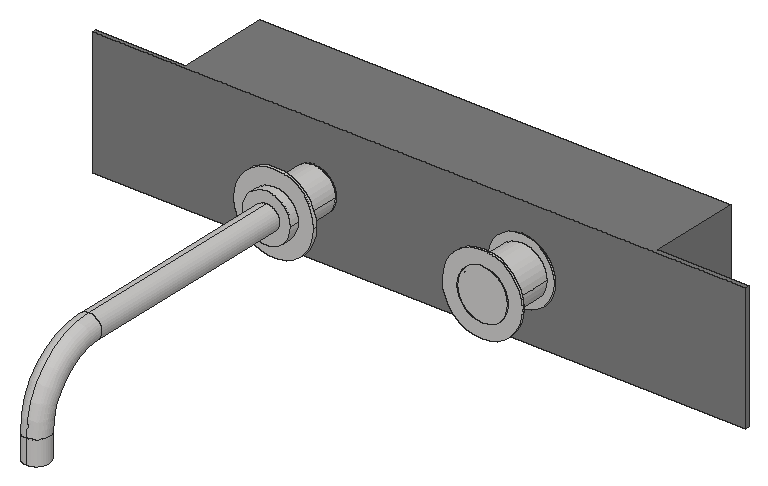
Revit family "CBR_4821", category Plumbing Fixtures, Revit 2021
Family settings
  Round Connector Dimension = Use Diameter
  Part Type = Normal
  Work Plane-Based = No
  Always vertical = Yes
  Cut with Voids When Loaded = No
  Shared = No
  Room Calculation Point = No
Parameters
  e-mail = "info@vola.com"
  URL = "http://vola.com"
  Telephone = "+45 7023 5500"
  Quality management standard = "ISO 9001"
  Organisation no. / DUNS no. = "17531328"
  Occupational health and safety management standard = "ISO 18001"
  Mounting Instructions = ""
  Model = "4821"
  Mixer Offset [instance] = 35.50 mm
  Mixer = yes
  Materials and components information = ""
  Manufacturer = "VOLA A/S"
  Maintenance Instructions = ""
  Guarantee = "2 years"
  Flow = "5,00 l/min"
  Environmental management standard = "ISO 14000"
  Default Elevation = 0.00 mm
  Connection - All relevant connections = "To valve box 3/8\" and to mixer ½\""
  Approvals = ""
Reference planes
  plane 1 "Center (Front/Back)": y = 0
  plane 2: z = 0
  plane 3 "Center (Left/Right)": x = 0
  plane 4 "Mixer plane": y = 35.5
  plane 5 "Wall Surface": y = 0
Forms (mm)
  Extrusion 1, solid, material "Stainless Steel"
    sketch origin (16.5, 35, 0) x (0, 0, 1) y (-1, 0, 0)
      loop
        circle (0, 16.5) r 16.5
    from 0 to 35
Dimensions and locks
  "Mixer Offset": plane 4 "Mixer plane" to plane 1 "Center (Front/Back)"
  aligned and locked: plane 2 to level
  aligned and locked: nested 1 to plane 4 "Mixer plane"
  aligned and locked: plane 1 "Center (Front/Back)" to Extrusion 1
  aligned and locked: nested 3 to plane 5 "Wall Surface"
Automatic sketch dimensions
  radius of Extrusion 1 sketch curve to nested 1 = 0.00 mm
Nested families
  nested 1: "4800" at (79, 107, -58.08), visible <- "Mixer", type "Standard"
  nested 2: "001" at (0, 0, 0) x (1, 0, 0) z (0, -1, 0), type "Standard"
  nested 3: "VR510" at (156, 0, 0), type "Standard"
  nested 4: "020" at (0, -2, 0), type "020"
  nested 5: "VR512" at (156, 0, 0), type "Standard"
Connectors
  piping at (-0.04, 70.5, -47.5), diameter 19
    settings: on nested 1, index 1, connector inside diameter 0.74803", connector length 0.00 mm, flow factor 0, pipe flow 0 GPM, pressure drop 0.00 psi, fitting loss kfactor 0, connector angle 0.00°, fixture units 0, engagement length 0.00 mm, angle of deflection 0.00°, flow configuration 0, flow direction 1, fitting loss method 0, system type 20, joint type 0, gender type 0, connector reference index -1, connector utility 0, adjustable connector no, is connector primary yes, connector description ""
Definition of nested family "4800"
  Parameters
    e-mail = "info@vola.com"
    URL = "http://vola.com"
    Telephone = "+45 7023 5500"
    Quality management standard = "ISO 9001"
    Organisation no. / DUNS no. = "17531328"
    Occupational health and safety management standard = "ISO 18001"
    Mounting Instructions = ""
    Model = "4000"
    Materials and components information = ""
    Manufacturer = "VOLA A/S"
    Maintenance Instructions = ""
    Guarantee = "2 years"
    Environmental management standard = "ISO 14000"
    Default Elevation = 0.00 mm
    Connection - All relevant connections = ""
    Approvals = "http://vola.com/service/producturl.ashx?name=4000"
  Reference planes
    plane 1 "Center (Front/Back)": y = 0
    plane 2: z = 0
    plane 3 "Center (Left/Right)": x = 0
    plane 4: z = 58.08
    plane 5: y = -28.5
    plane 6: y = -36.5
    plane 7: y = -72
  Forms (mm)
    Extrusion 1, solid
      sketch origin (-39, -1, -10.92) x (1, 0, 0) y (0, 1, 0)
        loop
          line (-138, 1) -> (-138, -68) -> (216, -68) -> (216, 1) -> (-138, 1)
      from 21.5 to 116.5
    Extrusion 2, solid
      sketch origin (-1.25, -1, -10.92) x (1, 0, 0) y (0, 1, 0)
        loop
          line (-243.75, -68) -> (-243.75, -70.5) -> (246.25, -70.5) -> (246.25, -68) -> (-243.75, -68)
      from 21.5 to 116.5
    Extrusion 3, solid
      sketch origin (38, -1, -10.92) x (1, 0, 0) y (0, 0, 1)
        loop
          circle (39, 69) r 25
      from 70.5 to 71
    Extrusion 4, solid
      sketch origin (-118, -1, -10.92) x (1, 0, 0) y (0, 0, 1)
        loop
          circle (39, 69) r 16.5
      from 70.5 to 71
  Cuts and joins
    joined: Extrusion 1, Extrusion 2
  Lines and regions (mm)
    reference lines
      curve 1: line (77, -36.5, 58.08) -> (77, -36.5, 157.08)
      curve 2: line (77, -36.5, 58.08) -> (77, -36.5, -40.92)
      curve 3: line (-79, -28.5, 58.08) -> (-79, -28.5, 157.08)
      curve 4: line (-79, -28.5, 58.08) -> (-79, -28.5, -40.92)
      curve 5: line (-78, -28.5, 58.08) -> (-78, -123.5, 58.08)
      curve 6: line (78, -36.5, 58.08) -> (78, -123.5, 58.08)
  Dimensions and locks
    aligned and locked: plane 2 to level
    aligned and locked: Extrusion 1 to Extrusion 2
    aligned and locked: Extrusion 2 to Extrusion 1
Definition of nested family "001"
  Parameters
    e-mail = "info@vola.com"
    URL = "http://vola.com"
    Telephone = "+45 7023 5500"
    Quality management standard = "ISO 9001"
    Organisation no. / DUNS no. = "17531328"
    Occupational health and safety management standard = "ISO 18001"
    Mounting Instructions = "http://vola.com/service/producturl.ashx?name=001"
    Model = "001"
    Materials and components information = "http://vola.com/service/producturl.ashx?name=001"
    Manufacturer = "VOLA A/S"
    Maintenance Instructions = "http://vola.com/service/producturl.ashx?name=001"
    Guarantee = "2 years"
    Environmental management standard = "ISO 14000"
    Default Elevation = 1219.20 mm
    Connection - All relevant connections = ""
    Approvals = "http://vola.com/service/producturl.ashx?name=001"
  Reference planes
    plane 1 "Center (Front/Back)": y = 0
    plane 2: z = 0
    plane 3 "Center (Left/Right)": x = 0
  Forms (mm)
    Extrusion 1, solid
      sketch origin (0, 0, 0) x (1, 0, 0) y (0, 1, 0)
        loop
          circle (0, 0) r 16.5
        loop
          circle (0, 0) r 30
      from 0 to 2
  Dimensions and locks
    aligned and locked: plane 2 to level
Definition of nested family "VR510"
  Parameters
    e-mail = "info@vola.com"
    URL = "http://vola.com"
    Telephone = "+45 7023 5500"
    Quality management standard = "ISO 9001"
    Organisation no. / DUNS no. = "17531328"
    Occupational health and safety management standard = "ISO 18001"
    Mounting Instructions = ""
    Model = "RS82E"
    Materials and components information = ""
    Manufacturer = "VOLA A/S"
    Maintenance Instructions = ""
    Guarantee = "2 years"
    Environmental management standard = "ISO 14000"
    Default Elevation = 0.00 mm
    Connection - All relevant connections = ""
    Approvals = "http://vola.com/service/producturl.ashx?name=RS82E"
  Reference planes
    plane 1 "Center (Front/Back)": y = 0
    plane 2: z = 0
    plane 3 "Center (Left/Right)": x = 0
  Forms (mm)
    Extrusion 1, solid
      sketch origin (0, 0, 0) x (-1, 0, 0) y (0, 0, -1)
        loop
          circle (0, 0) r 19
      from 0 to 1.5
  Lines and regions (mm)
    model lines
      curve 1: circle (0, -1.5, 0) r 1.5 normal (0, 1, 0)
      curve 2: circle (0, -1.5, 5) r 1.5 normal (0, 1, 0)
      curve 3: circle (0, -1.5, -5) r 1.5 normal (0, 1, 0)
  Dimensions and locks
    aligned and locked: plane 2 to level
Definition of nested family "020"
  Parameters
    e-mail = "info@vola.com"
    URL = "http://vola.com"
    Telephone = "+45 7023 5500"
    Quality management standard = "ISO 9001"
    Organisation no. / DUNS no. = "17531328"
    Occupational health and safety management standard = "ISO 18001"
    Mounting Instructions = "http://vola.com/service/producturl.ashx?name=020"
    Model = "020"
    Materials and components information = "http://vola.com/service/producturl.ashx?name=020"
    Manufacturer = "VOLA A/S"
    Maintenance Instructions = "http://vola.com/service/producturl.ashx?name=020"
    Guarantee = "2 years"
    Environmental management standard = "ISO 14000"
    Default Elevation = 0.00 mm
    Connection - All relevant connections = ""
    Approvals = "http://vola.com/service/producturl.ashx?name=020"
  Reference planes
    plane 1 "Center (Front/Back)": y = 0
    plane 2: z = 0
    plane 3 "Center (Left/Right)": x = 0
  Forms (mm)
    Extrusion 1, solid
      sketch origin (0, 0, 0) x (1, 0, 0) y (0, 0, 1)
        loop
          circle (0, 0) r 18
      from 0 to 7
    Sweep 2, solid
      path origin (0, 0, 0) x (0, 1, 0) y (0, 0, 1)
        loop
          line (-7, 0) -> (-174, 0)
          arc (-174, 0) -> (-208.648, -14.352) -> (-223, -49) r 49
      profile origin (0, -208.648, -14.352) x (0, 0.707107, -0.707107) y (1, 0, 0)
        loop
          circle (0, 0) r 9.5
    Extrusion 3, solid
      sketch origin (0, -223, -49) x (0, -1, 0) y (-1, 0, 0)
        loop
          circle (0, 0) r 9.5
      from 0 to 18
  Dimensions and locks
    Sweep 2 sketch curve to plane 1 "Center (Front/Back)" = 223.00 mm
    aligned and locked: plane 2 to level
Definition of nested family "VR512"
  Parameters
    e-mail = "info@vola.com"
    URL = "http://vola.com"
    Telephone = "+45 7023 5500"
    Quality management standard = "ISO 9001"
    Organisation no. / DUNS no. = "17531328"
    Occupational health and safety management standard = "ISO 18001"
    Mounting Instructions = ""
    Model = "RS82E"
    Materials and components information = ""
    Manufacturer = "VOLA A/S"
    Maintenance Instructions = ""
    Guarantee = "2 years"
    Environmental management standard = "ISO 14000"
    Default Elevation = 0.00 mm
    Connection - All relevant connections = ""
    Approvals = "http://vola.com/service/producturl.ashx?name=RS82E"
  Reference planes
    plane 1 "Center (Front/Back)": y = 0
    plane 2: z = 0
    plane 3 "Center (Left/Right)": x = 0
  Forms (mm)
    Extrusion 1, solid
      sketch origin (0, 0, 0) x (-1, 0, 0) y (0, 0, -1)
        loop
          circle (0, 0) r 30
        loop
          circle (0, 0) r 19
      from 0 to 1.5
    Extrusion 2, solid
      sketch origin (78, 16.799, 0) x (1, 0, 0) y (0, 0, 1)
        loop
          circle (-78, 0) r 19
        loop
          circle (-78, 0) r 17
      from -18.201 to 16.799
    Extrusion 3, solid
      sketch origin (0, 0, 0) x (1, 0, 0) y (0, 0, 1)
        loop
          circle (0, 0) r 17
        loop
          circle (0, 0) r 15
      from -35 to -2.174
  Dimensions and locks
    aligned and locked: plane 2 to level
